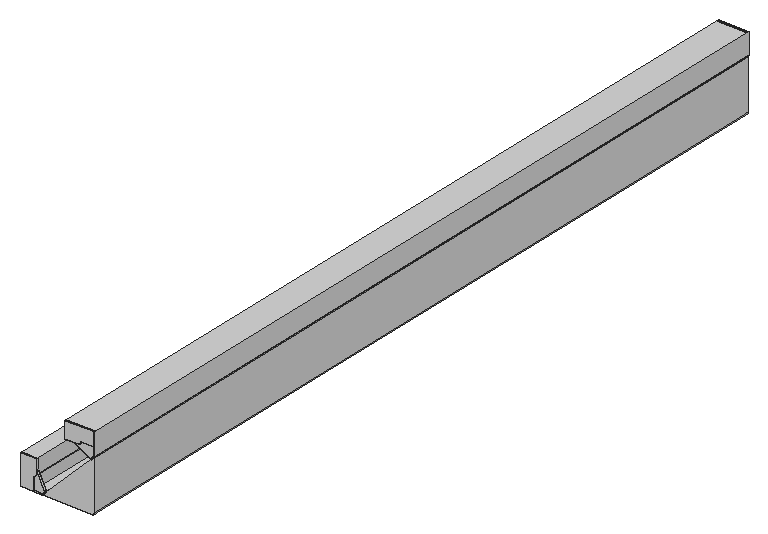
Revit family "ORMA_ORMA STRIPPING CORNER 3.3_1908770", category Generic Models, Revit 2018
Family settings
  Can host rebar = No
  Round Connector Dimension = Use Diameter
  Part Type = Normal
  OmniClass Number = 35.51.14.00
  OmniClass Title = FORMWORK
  Work Plane-Based = Yes
  Always vertical = No
  Cut with Voids When Loaded = No
  Shared = Yes
  Room Calculation Point = No
Parameters
  VERSION = "20190101"  # constant formula
  URL = "www.ulmaconstruction.com/en"
  UNICLASS = ""
  STRIPPED [instance] = no
  ITEM_CODE = "1908770"
  Manufacturer = "ULMA CONSTRUCTION"  # constant formula
  MOBILE PARTE X [instance] = if(STRIPPED, 275.000 mm, 300.000 mm)  # 300.000 mm
  MOBILE PART Y [instance] = if(STRIPPED, 25.000 mm, 0.000 mm)  # 0.000 mm
  FILTER [instance] = ""
  Default Elevation = 0.000 mm
  CLASSIFICATION_TITLE = ""
  CLASSIFICATION_NUMBER = ""
Reference planes
  plane 1 "Centro (Frontal/Posterior)": y = 0
  plane 2: z = 0
  plane 3 "Centro (Izquierda/Derecha)": x = 0
  plane 4 "LEFT SIDE": x = -300
  plane 5 "RIGHT SIE": z = 300
  plane 6 "ITEM_HEIGHT": y = 3300
  plane 7: z = 0
  plane 8: x = 0
  plane 9 "LEFT TIES": x = -271.5
  plane 10 "RIGHT TIES": z = 271.5
  plane 11 "EXTERIOR HOLE 1": y = 450
  plane 12 "TIE 1": y = 560
  plane 13 "TIE 3": y = 3266
  plane 14 "EXTERIOR HOLE 2": y = 1050
  plane 15 "TIE 2": y = 2140
  plane 16 "EXTERIOR HOLE 3": y = 1650
  plane 17 "EXTERIOR HOLE 4": y = 2250
  plane 18 "EXTERIOR HOLE 5": y = 2850
Forms (mm)
  Extrusion 1, solid, material "ULMA ZINC"
    sketch origin (0, 0, 0) x (1, 0, 0) y (0, 0, 1)
      loop
        arc (-8, 0) -> (-2.343, 2.343) -> (0, 8) r 8
        line (0, 8) -> (0, 209.343) -> (-209.343, 0) -> (-8, 0)
    from 0 to -3300
Dimensions and locks
  "MOBILE PARTE X": plane 3 "Centro (Izquierda/Derecha)" to plane 4 "LEFT SIDE"
  "MOBILE PARTE X": plane 5 "RIGHT SIE" to plane 2
  locked: plane 1 "Centro (Frontal/Posterior)" to plane 6 "ITEM_HEIGHT" at 3300
  locked: Extrusion 1 sketch curve to Extrusion 1 sketch curve at 209.343  (x2)
  "MOBILE PART Y": plane 7 to plane 2
  "MOBILE PART Y": plane 3 "Centro (Izquierda/Derecha)" to plane 8
  locked: plane 9 "LEFT TIES" to plane 4 "LEFT SIDE" at 28.5
  locked: plane 5 "RIGHT SIE" to plane 10 "RIGHT TIES" at 28.5
  locked: Extrusion 1 sketch curve to Extrusion 1 sketch curve (angle 45.00°)
  aligned and locked: level to plane 2
  aligned and locked: plane 4 "LEFT SIDE" to nested 1
  aligned and locked: plane 5 "RIGHT SIE" to nested 2
  aligned and locked: plane 6 "ITEM_HEIGHT" to Extrusion 1
  aligned and locked: nested 1 to plane 7
  aligned and locked: nested 2 to plane 8
Automatic sketch dimensions
  Extrusion 1 sketch curve to plane 3 "Centro (Izquierda/Derecha)" = 0.000 mm
  Extrusion 1 sketch curve to plane 3 "Centro (Izquierda/Derecha)" = 8.000 mm
  level to Extrusion 1 sketch curve = 0.000 mm
Nested families
  nested 1: "PARTE MOVIL ESCUADRA DESENCOFRADO - 1908795_PANELS" at (-300, 0, 0), type "PARTE MOVIL ESCUADRA DESENCOFRADO - 1908795_PANELS"
    with FILTER ""
  nested 2: "PARTE MOVIL ESCUADRA DESENCOFRADO - 1908795_PANELS" at (0, 0, 300) x (0, 0, -1) z (-1, 0, 0), type "PARTE MOVIL ESCUADRA DESENCOFRADO - 1908795_PANELS"
    with FILTER ""
Definition of nested family "PARTE MOVIL ESCUADRA DESENCOFRADO - 1908795_PANELS"
  Parameters (values of type "PARTE MOVIL ESCUADRA DESENCOFRADO - 1908795_PANELS")
    VERSION = "20190101"  # constant formula
    URL = "www.ulmaconstruction.com/en"
    UNICLASS = ""
    Manufacturer = "ULMA CONSTRUCTION"  # constant formula
    FILTER [instance] = ""
    Default Elevation = 0.000 mm
    CLASSIFICATION_TITLE = ""
    CLASSIFICATION_NUMBER = ""
  Reference planes
    plane 1 "Centro (Frontal/Posterior)": y = 0
    plane 2: z = 0
    plane 3 "Centro (Izquierda/Derecha)": x = 0
    plane 4 "ITEM_HEIGHT": y = 3300
    plane 5 "EXTERNAL HOLE 1": y = 450
    plane 6 "EXTERNAL HOLE 2": y = 1050
    plane 7 "TIE HOLE": y = 3266
    plane 8 "TIE HOLE 2": y = 2140
    plane 9 "TIE HOLE 1": y = 560
    plane 10 "EXTERNAL HOLE 3": y = 1650
    plane 11 "EXTERNAL HOLE 4": y = 2250
    plane 12 "EXTERNAL HOLE 5": y = 2850
  Forms (mm)
    Extrusion 1, solid
      sketch origin (-300, 0, 0.001) x (1, 0, 0) y (0, 0, 1)
        loop
          line (365, 119.999) -> (299.999, 119.999) -> (299.999, -0.001) -> (387.343, -0.001)
          arc (387.343, -0.001) -> (390.405, 0.608) -> (393, 2.342) r 8
          line (393, 2.342) -> (403.847, 13.189) -> (401.015, 16.021) -> (390.524, 5.449)
          arc (390.524, 5.449) -> (388.918, 4.387) -> (387.029, 4.014) r 4.975
          line (387.029, 4.014) -> (352.5, 4.014) -> (352.5, 52.038)
          arc (352.5, 52.038) -> (352.915, 53.418) -> (354.023, 54.339) r 2.5
          line (354.023, 54.339) -> (361.344, 57.447)
          arc (361.344, 57.447) -> (364.003, 59.658) -> (365, 62.97) r 6
          line (365, 62.97) -> (365, 119.999)
      from -3300 to 0
    Extrusion 2, solid, detail levels fine
      sketch origin (0, 3300, 0) x (-1, 0, 0) y (0, 0, 1)
        loop
          line (-87.029, 4.015) -> (0.001, 4.015) -> (0.001, 120) -> (-65, 120) -> (-65, 81) -> (-100, 15) -> (-90.524, 5.45)
          arc (-90.524, 5.45) -> (-88.918, 4.388) -> (-87.029, 4.015) r 4.975
      from 0 to -6
    Extrusion 3, solid, detail levels fine
      sketch origin (65, 0, 81) x (0, 0, 1) y (0, -1, 0)
        loop
          circle (4, -450) r 19
      from 0 to 8
    Extrusion 4, solid, detail levels fine
      sketch origin (0, 0, 0) x (1, 0, 0) y (0, 0, 1)
        loop
          arc (87.029, 4.015) -> (88.918, 4.388) -> (90.524, 5.45) r 4.975
          line (90.524, 5.45) -> (100, 15) -> (65, 81) -> (65, 120) -> (-0.001, 120) -> (-0.001, 4.015) -> (87.029, 4.015)
      from 0 to -6
    Extrusion 5, solid, detail levels fine
      sketch origin (65, 600, 81) x (0, 0, 1) y (0, -1, 0)
        loop
          circle (4, -450) r 19
      from 0 to 8
    Extrusion 6, solid, detail levels fine
      sketch origin (65, 1200, 81) x (0, 0, 1) y (0, -1, 0)
        loop
          circle (4, -450) r 19
      from 0 to 8
    Extrusion 7, solid, detail levels fine
      sketch origin (65, 1800, 81) x (0, 0, 1) y (0, -1, 0)
        loop
          circle (4, -450) r 19
      from 0 to 8
    Extrusion 8, solid, detail levels fine
      sketch origin (65, 2400, 81) x (0, 0, 1) y (0, -1, 0)
        loop
          circle (4, -450) r 19
      from 0 to 8
  Lines and regions (mm)
    model lines, detail levels fine
      curve 1: arc (44, 3273.5, 120) -> (28.5, 3289, 120) -> (13, 3273.5, 120) r 15.5
      curve 2: line (13, 3258.5, 120) -> (13, 3273.5, 120)
      curve 3: line (44, 3273.5, 120) -> (44, 3258.5, 120)
      curve 4: arc (13, 3258.5, 120) -> (28.5, 3243, 120) -> (44, 3258.5, 120) r 15.5
      curve 5: circle (28.5, 3266, 120) r 13 normal (0, 0, 1)
      curve 6: circle (28.5, 3266, 0) r 13 normal (0, 0, 1)
      curve 7: circle (-0.001, 450, 85) r 11 normal (1, 0, 0)
      curve 8: circle (73, 450, 85) r 11 normal (1, 0, 0)
      curve 9: circle (-0.001, 1050, 85) r 11 normal (1, 0, 0)
      curve 10: circle (73, 1050, 85) r 11 normal (1, 0, 0)
      curve 11: arc (44, 2147.5, 120) -> (28.5, 2163, 120) -> (13, 2147.5, 120) r 15.5
      curve 12: line (13, 2132.5, 120) -> (13, 2147.5, 120)
      curve 13: line (44, 2147.5, 120) -> (44, 2132.5, 120)
      curve 14: arc (13, 2132.5, 120) -> (28.5, 2117, 120) -> (44, 2132.5, 120) r 15.5
      curve 15: circle (28.5, 2140, 120) r 13 normal (0, 0, 1)
      curve 16: circle (28.5, 2140, 0) r 13 normal (0, 0, 1)
      curve 17: arc (44, 567.5, 120) -> (28.5, 583, 120) -> (13, 567.5, 120) r 15.5
      curve 18: line (13, 552.5, 120) -> (13, 567.5, 120)
      curve 19: line (44, 567.5, 120) -> (44, 552.5, 120)
      curve 20: arc (13, 552.5, 120) -> (28.5, 537, 120) -> (44, 552.5, 120) r 15.5
      curve 21: circle (28.5, 560, 120) r 13 normal (0, 0, 1)
      curve 22: circle (28.5, 560, 0) r 13 normal (0, 0, 1)
      curve 23: circle (-0.001, 1650, 85) r 11 normal (1, 0, 0)
      curve 24: circle (73, 1650, 85) r 11 normal (1, 0, 0)
      curve 25: circle (-0.001, 2250, 85) r 11 normal (1, 0, 0)
      curve 26: circle (73, 2250, 85) r 11 normal (1, 0, 0)
      curve 27: circle (-0.001, 2850, 85) r 11 normal (1, 0, 0)
      curve 28: circle (73, 2850, 85) r 11 normal (1, 0, 0)
  Dimensions and locks
    locked: plane 1 "Centro (Frontal/Posterior)" to plane 4 "ITEM_HEIGHT" at 3300
    aligned and locked: level to plane 2
    aligned and locked: plane 4 "ITEM_HEIGHT" to Extrusion 2
